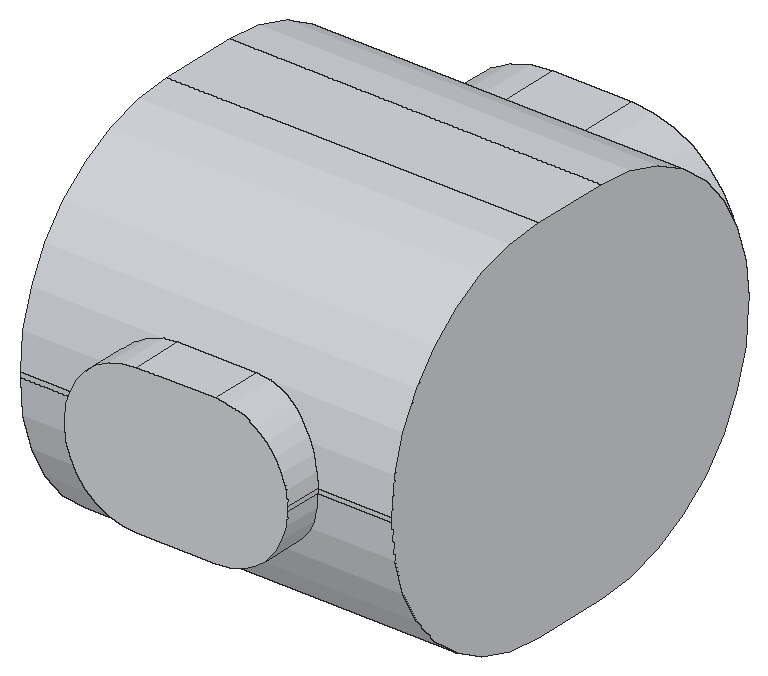
Revit family "椭圆形四通 - 直通", category 风管管件, Revit 2020
Family settings
  圆形连接件大小 = 使用直径
  零件类型 = 四通
  OmniClass 编号 = 23.75.70.14
  OmniClass 标题 = Air Ductwork
  Seek 项目 ID = Oval Cross - Straight-0000-CAN-ENU
  基于工作平面 = 否
  总是垂直 = 是
  加载时剪切的空心 = 否
  共享 = 否
Parameters (values of type "标准")
  默认高程 = 0 mm
  水平段长度 [instance] = 25 mm
  风管宽度 4 [instance] = 200 mm
  风管宽度 3 [instance] = 150 mm
  风管宽度 2 [instance] = 风管宽度 1  # 300 mm
  风管宽度 1 [instance] = 300 mm
  风管长度 2 [instance] = 0.5 * 风管宽度 1 + 水平段长度  # 175 mm
  风管长度 1 [instance] = if(风管宽度 3 > 风管宽度 4, (风管宽度 3 + 2 * 水平段长度), (风管宽度 4 + 2 * 水平段长度))  # 250 mm
  风管高度 4 [instance] = 150 mm
  风管高度 3 [instance] = 100 mm
  风管高度 2 [instance] = 风管高度 1  # 250 mm
  风管高度 1 [instance] = 250 mm
Reference planes
  plane 1 "中心(前/后)": y = 0
  plane 2: z = 0
  plane 3 "中心(左/右)": x = 0
  plane 4: y = 175
  plane 5: y = -175
  plane 6: x = -125
  plane 7: x = 125
Forms (mm)
  Sweep 1, solid, detail levels medium+fine
    path in 3D
      loop
        line (-125, 0, 0) -> (125, 0, 0)
    profile "M_风管 - 椭圆形 : 风管 - 椭圆形 1" origin (0, 0, 0) x (0, 1, 0) y (0, 0, 1)
      loop
        line (-150, 1.588) -> (-150, -1.587)
        arc (-150, -1.587) -> (-113.853, -88.853) -> (-26.587, -125) r 123.413
        line (-26.587, -125) -> (26.588, -125)
        arc (26.588, -125) -> (113.853, -88.853) -> (150, -1.587) r 123.413
        line (150, -1.587) -> (150, 1.587)
        arc (150, 1.587) -> (113.853, 88.853) -> (26.588, 125) r 123.413
        line (26.588, 125) -> (-26.588, 125)
        arc (-26.588, 125) -> (-113.853, 88.853) -> (-150, 1.588) r 123.413
  Sweep 2, solid, detail levels medium+fine
    path in 3D
      loop
        line (0, 175, 0) -> (0, 0, 0)
    profile "M_风管 - 椭圆形 : 风管 - 椭圆形 3" origin (0, 87.5, 0) x (1, 0, 0) y (0, 0, 1)
      loop
        line (-100, 1.588) -> (-100, -1.587)
        arc (-100, -1.587) -> (-78.498, -53.498) -> (-26.587, -75) r 73.413
        line (-26.587, -75) -> (26.588, -75)
        arc (26.588, -75) -> (78.498, -53.498) -> (100, -1.587) r 73.413
        line (100, -1.587) -> (100, 1.587)
        arc (100, 1.587) -> (78.498, 53.498) -> (26.588, 75) r 73.413
        line (26.588, 75) -> (-26.588, 75)
        arc (-26.588, 75) -> (-78.498, 53.498) -> (-100, 1.588) r 73.413
  Sweep 3, solid, detail levels medium+fine
    path in 3D
      loop
        line (0, 0, 0) -> (0, -175, 0)
    profile "M_风管 - 椭圆形 : 风管 - 椭圆形 2" origin (0, -87.5, 0) x (1, 0, 0) y (0, 0, 1)
      loop
        line (-75, 1.588) -> (-75, -1.587)
        arc (-75, -1.587) -> (-60.82, -35.82) -> (-26.587, -50) r 48.413
        line (-26.587, -50) -> (26.588, -50)
        arc (26.588, -50) -> (60.82, -35.82) -> (75, -1.587) r 48.413
        line (75, -1.587) -> (75, 1.587)
        arc (75, 1.587) -> (60.82, 35.82) -> (26.588, 50) r 48.413
        line (26.588, 50) -> (-26.587, 50)
        arc (-26.587, 50) -> (-60.82, 35.82) -> (-75, 1.588) r 48.413
Cuts and joins
  joined: Sweep 1, Sweep 2, Sweep 3
Lines and regions (mm)
  model lines, detail levels coarse
    curve 1: line (-125, 0, 0) -> (125, 0, 0)
    curve 2: line (0, 175, 0) -> (0, 0, 0)
    curve 3: line (0, 0, 0) -> (0, -175, 0)
  sketch lines
    curve 4: line (-125, 0, 0) -> (125, 0, 0)
    curve 5: line (0, 175, 0) -> (0, 0, 0)
    curve 6: line (0, 0, 0) -> (0, -175, 0)
Dimensions and locks
  equal spacing: plane 6, plane 3 "中心(左/右)", plane 7
  "风管长度 1": plane 6 to plane 7
  "风管长度 2": plane 1 "中心(前/后)" to plane 4
  "风管长度 2": plane 5 to plane 1 "中心(前/后)"
  aligned and locked: plane 1 "中心(前/后)" to curve 1
  aligned and locked: plane 6 to curve 1
  aligned and locked: plane 7 to curve 1
  aligned and locked: curve 2 to plane 3 "中心(左/右)"
  aligned and locked: plane 4 to curve 2
  aligned and locked: plane 1 "中心(前/后)" to curve 2
  aligned and locked: curve 3 to plane 3 "中心(左/右)"
  aligned and locked: plane 5 to curve 3
Connectors
  hvac at (-125, 0, 0), driven by "风管高度 1", driven by "风管宽度 1"
    settings: on cut or joined group of Sweep 1, Sweep 2, Sweep 3, index 1, duct flow 0.0 L/s, flow factor 0, pres drop 0.0 Pa, loss coef 0, conn angle 0.00°, conn width 300 mm, conn height 250 mm, conn diameter 609.6 mm, duct sys type 28, conn prof type 2, flow config 0, flow direction 0, loss method 0, conn ref index 2, conn util no, is conn primary yes, conn desc ""
  hvac at (125, 0, 0), driven by "风管高度 1", driven by "风管宽度 1"
    settings: on cut or joined group of Sweep 1, Sweep 2, Sweep 3, index 2, duct flow 0.0 L/s, flow factor 0, pres drop 0.0 Pa, loss coef 0, conn angle 0.00°, conn width 300 mm, conn height 250 mm, conn diameter 609.6 mm, duct sys type 28, conn prof type 2, flow config 0, flow direction 0, loss method 0, conn ref index 1, conn util no, is conn primary no, conn desc ""
  hvac at (0, -175, 0), driven by "风管高度 3", driven by "风管宽度 3"
    settings: on cut or joined group of Sweep 1, Sweep 2, Sweep 3, index 3, duct flow 0.0 L/s, flow factor 0, pres drop 0.0 Pa, loss coef 0, conn angle 0.00°, conn width 150 mm, conn height 100 mm, conn diameter 609.6 mm, duct sys type 28, conn prof type 2, flow config 0, flow direction 0, loss method 0, conn ref index 4, conn util no, is conn primary no, conn desc ""
  hvac at (0, 175, 0), driven by "风管高度 4", driven by "风管宽度 4"
    settings: on cut or joined group of Sweep 1, Sweep 2, Sweep 3, index 4, duct flow 0.0 L/s, flow factor 0, pres drop 0.0 Pa, loss coef 0, conn angle 0.00°, conn width 200 mm, conn height 150 mm, conn diameter 609.6 mm, duct sys type 28, conn prof type 2, flow config 0, flow direction 0, loss method 0, conn ref index 3, conn util no, is conn primary no, conn desc ""
